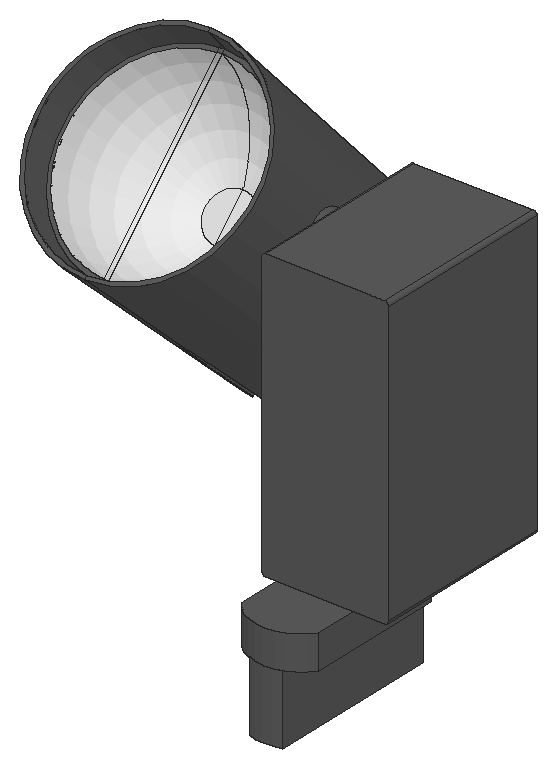
Revit family "0004895 Feilo Sylvania Lighting Fixture START TRACK SPOT S 14W 4K RA90 NB BLACK", category Lighting Fixtures, host Face, Revit 2017 (continued)
Definition of nested family "Start Track Spot Head"
  Types (96, lengths in mm): name | Wattage | built-in parameter 1150134 | Photometric Web File | Model | built-in parameter 1150105 | Lumens | built-in parameter 1150107 | built-in parameter 1150106 | HeadThickness_FEILO | HeadRibOffset_FEILO | HeadRibDepth_FEILO | HeadRibCutWidth_FEILO | HeadRibCutOffset_FEILO | HeadReflectorRadius_FEILO | HeadReflectorOffset_FEILO | HeadLEDRadius_FEILO | HeadHeight_FEILO | HeadDiffusorOffset_FEILO | HeadDiaOut_FEILO | HeadDiaIn_FEILO | HeadAxisFromTop_FEILO | Emit from Circle Diameter | built-in parameter 1150104 | Description | Apparent Load
    0004864 START TRACK SPOT S 24W 3K RA90 WB WHITE | 24 W | (empty or 0) | "0004864.ies" | "START TRACK SPOT S 24W 3K RA90 WB WHITE" | 152.79 (stored number, unit not read) | 1920 lm | 3000 (stored number, unit not read) | 1.5279 (stored number, unit not read) | 1.5 | 4.179 | 55.714 | 7.167 | 50.87 | 50.588 | 55.714 | 9.556 | 117 | 9.435 | 86 | 77.477 | 69.354 | 77.477 | 7.4322 (stored number, unit not read) | "Integrated LED spotlight, Textured White - RAL9016, compact and minimalist design, ideal for retail applications, die-cast aluminium body, passive cooling heatsink. Beam angle: 64°, color temperature: 3000K , total system power: 24W, total fixture output: 1928 lm, LOR: 100%, colour rendering: Ra: 90 typical, LED Chromaticity: 3 step MacAdam ellipse, lifetime: >50000 hours at L70B50, energy class: A++, A+, A, IR/UV free light source without heat radiation, operating voltage: 220-240V / 50-60Hz, drive current: 600mA, electronic driver, non-dimmable, power factor: 0.95, electrical protection: Class II, Global Track 3 Phase adapter suitable for Global trac 3-circuit tracks, ingress protection rating: IP20, suitable for internal environment only, horizontal rotation: 355°, vertical tilt: 90°, dimensions: Ø86x140x200, weight: 0.966kg." | 24 VA
    0004863 START TRACK SPOT S 24W 3K RA90 MB WHITE | 24 W | (empty or 0) | "0004863.ies" | "START TRACK SPOT S 24W 3K RA90 MB WHITE" | 154.7 (stored number, unit not read) | 1944 lm | 3000 (stored number, unit not read) | 1.547 (stored number, unit not read) | 1.5 | 4.179 | 55.714 | 7.167 | 50.87 | 50.588 | 55.714 | 9.556 | 117 | 9.435 | 86 | 77.477 | 69.354 | 77.477 | 7.5251 (stored number, unit not read) | "Integrated LED spotlight, Textured White - RAL9016, compact and minimalist design, ideal for retail applications, die-cast aluminium body, passive cooling heatsink. Beam angle: 36°, color temperature: 3000K , total system power: 24W, total fixture output: 1944 lm, LOR: 100%, colour rendering: Ra: 90 typical, LED Chromaticity: 3 step MacAdam ellipse, lifetime: >50000 hours at L70B50, energy class: A++, A+, A, IR/UV free light source without heat radiation, operating voltage: 220-240V / 50-60Hz, drive current: 600mA, electronic driver, non-dimmable, power factor: 0.95, electrical protection: Class II, Global Track 3 Phase adapter suitable for Global trac 3-circuit tracks, ingress protection rating: IP20, suitable for internal environment only, horizontal rotation: 355°, vertical tilt: 90°, dimensions: Ø86x140x200, weight: 0.966kg." | 24 VA
    0004862 START TRACK SPOT S 24W 3K RA90 NB WHITE | 24 W | (empty or 0) | "0004862.ies" | "START TRACK SPOT S 24W 3K RA90 NB WHITE" | 158.52 (stored number, unit not read) | 1992 lm | 3000 (stored number, unit not read) | 1.5852 (stored number, unit not read) | 1.5 | 4.179 | 55.714 | 7.167 | 50.87 | 50.588 | 55.714 | 9.556 | 117 | 9.435 | 86 | 77.477 | 69.354 | 77.477 | 7.711 (stored number, unit not read) | "Integrated LED spotlight, Textured White - RAL9016, compact and minimalist design, ideal for retail applications, die-cast aluminium body, passive cooling heatsink. Beam angle: 12°, color temperature: 3000K , total system power: 24W, total fixture output: 1987 lm, LOR: 100%, colour rendering: Ra: 90 typical, LED Chromaticity: 3 step MacAdam ellipse, lifetime: >50000 hours at L70B50, energy class: A++, A+, A, IR/UV free light source without heat radiation, operating voltage: 220-240V / 50-60Hz, drive current: 600mA, electronic driver, non-dimmable, power factor: 0.95, electrical protection: Class II, Global Track 3 Phase adapter suitable for Global trac 3-circuit tracks, ingress protection rating: IP20, suitable for internal environment only, horizontal rotation: 355°, vertical tilt: 90°, dimensions: Ø86x140x200, weight: 0.966kg." | 24 VA
    0004861 START TRACK SPOT S 14W 3K RA90 WB WHITE | 14 W | (empty or 0) | "0004861.ies" | "START TRACK SPOT S 14W 3K RA90 WB WHITE" | 100.27 (stored number, unit not read) | 1260 lm | 3000 (stored number, unit not read) | 1.0027 (stored number, unit not read) | 1.5 | 4.179 | 55.714 | 7.167 | 50.87 | 50.588 | 55.714 | 9.556 | 117 | 9.435 | 86 | 77.477 | 69.354 | 77.477 | 8.3613 (stored number, unit not read) | "Integrated LED spotlight, Textured White - RAL9016, compact and minimalist design, ideal for retail applications, die-cast aluminium body, passive cooling heatsink. Beam angle: 64°, color temperature: 3000K , total system power: 14W, total fixture output: 1262 lm, LOR: 100%, colour rendering: Ra: 90 typical, LED Chromaticity: 3 step MacAdam ellipse, lifetime: >50000 hours at L70B50, energy class: A++, A+, A, IR/UV free light source without heat radiation, operating voltage: 220-240V / 50-60Hz, drive current: 350mA, electronic driver, non-dimmable, power factor: 0.92, electrical protection: Class II, Global Track 3 Phase adapter suitable for Global trac 3-circuit tracks, ingress protection rating: IP20, suitable for internal environment only, horizontal rotation: 355°, vertical tilt: 90°, dimensions: Ø86x140x200, weight: 0.940kg." | 14 VA
    0004860 START TRACK SPOT S 14W 3K RA90 MB WHITE | 14 W | (empty or 0) | "0004860.ies" | "START TRACK SPOT S 14W 3K RA90 MB WHITE" | 100.27 (stored number, unit not read) | 1260 lm | 3000 (stored number, unit not read) | 1.0027 (stored number, unit not read) | 1.5 | 4.179 | 55.714 | 7.167 | 50.87 | 50.588 | 55.714 | 9.556 | 117 | 9.435 | 86 | 77.477 | 69.354 | 77.477 | 8.3613 (stored number, unit not read) | "Integrated LED spotlight, Textured White - RAL9016, compact and minimalist design, ideal for retail applications, die-cast aluminium body, passive cooling heatsink. Beam angle: 36°, color temperature: 3000K , total system power: 14W, total fixture output: 1262 lm, LOR: 100%, colour rendering: Ra: 90 typical, LED Chromaticity: 3 step MacAdam ellipse, lifetime: >50000 hours at L70B50, energy class: A++, A+, A, IR/UV free light source without heat radiation, operating voltage: 220-240V / 50-60Hz, drive current: 350mA, electronic driver, non-dimmable, power factor: 0.92, electrical protection: Class II, Global Track 3 Phase adapter suitable for Global trac 3-circuit tracks, ingress protection rating: IP20, suitable for internal environment only, horizontal rotation: 355°, vertical tilt: 90°, dimensions: Ø86x140x200, weight: 0.940kg." | 14 VA
    0004859 START TRACK SPOT S 14W 3K RA90 NB WHITE | 14 W | (empty or 0) | "0004859.ies" | "START TRACK SPOT S 14W 3K RA90 NB WHITE" | 102.5 (stored number, unit not read) | 1288 lm | 3000 (stored number, unit not read) | 1.025 (stored number, unit not read) | 1.5 | 4.179 | 55.714 | 7.167 | 50.87 | 50.588 | 55.714 | 9.556 | 117 | 9.435 | 86 | 77.477 | 69.354 | 77.477 | 8.5471 (stored number, unit not read) | "Integrated LED spotlight, Textured White - RAL9016, compact and minimalist design, ideal for retail applications, die-cast aluminium body, passive cooling heatsink. Beam angle: 12°, color temperature: 3000K , total system power: 14W, total fixture output: 1284 lm, LOR: 100%, colour rendering: Ra: 90 typical, LED Chromaticity: 3 step MacAdam ellipse, lifetime: >50000 hours at L70B50, energy class: A++, A+, A, IR/UV free light source without heat radiation, operating voltage: 220-240V / 50-60Hz, drive current: 350mA, electronic driver, non-dimmable, power factor: 0.92, electrical protection: Class II, Global Track 3 Phase adapter suitable for Global trac 3-circuit tracks, ingress protection rating: IP20, suitable for internal environment only, horizontal rotation: 355°, vertical tilt: 90°, dimensions: Ø86x140x200, weight: 0.940kg." | 14 VA
    0004858 START TRACK SPOT L 55W 4K RA80 WB BLACK | 55 W | 12 | "0004858.ies" | "START TRACK SPOT L 55W 4K RA80 WB BLACK" | 424.55 (stored number, unit not read) | 5335 lm | 4000 (stored number, unit not read) | 4.2455 (stored number, unit not read) | 2 | 4.429 | 59.048 | 9.417 | 53.913 | 66.471 | 59.048 | 12.556 | 124 | 10 | 113 | 101.802 | 73.503 | 101.802 | 9.0116 (stored number, unit not read) | "Integrated LED spotlight, Textured Black - RAL9005, compact and minimalist design, ideal for retail applications, die-cast aluminium body, passive cooling heatsink. Beam angle: 52°, color temperature: 4000K , total system power: 55W, total fixture output: 5320 lm, LOR: 100%, colour rendering: Ra: 80 typical, LED Chromaticity: 3 step MacAdam ellipse, lifetime: >50000 hours at L70B50, energy class: A++, A+, A, IR/UV free light source without heat radiation, operating voltage: 220-240V / 50-60Hz, drive current: 1400mA, electronic driver, non-dimmable, power factor: 0.96, electrical protection: Class II, Global Track 3 Phase adapter suitable for Global trac 3-circuit tracks, ingress protection rating: IP20, suitable for internal environment only, horizontal rotation: 355°, vertical tilt: 90°, dimensions: Ø113x164x240, weight: 1.398kg." | 55 VA
    0004857 START TRACK SPOT L 55W 4K RA80 MB BLACK | 55 W | 12 | "0004857.ies" | "START TRACK SPOT L 55W 4K RA80 MB BLACK" | 428.92 (stored number, unit not read) | 5390 lm | 4000 (stored number, unit not read) | 4.2892 (stored number, unit not read) | 2 | 4.429 | 59.048 | 9.417 | 53.913 | 66.471 | 59.048 | 12.556 | 124 | 10 | 113 | 101.802 | 73.503 | 101.802 | 9.1045 (stored number, unit not read) | "Integrated LED spotlight, Textured Black - RAL9005, compact and minimalist design, ideal for retail applications, die-cast aluminium body, passive cooling heatsink. Beam angle: 38°, color temperature: 4000K , total system power: 55W, total fixture output: 5378 lm, LOR: 100%, colour rendering: Ra: 80 typical, LED Chromaticity: 3 step MacAdam ellipse, lifetime: >50000 hours at L70B50, energy class: A++, A+, A, IR/UV free light source without heat radiation, operating voltage: 220-240V / 50-60Hz, drive current: 1400mA, electronic driver, non-dimmable, power factor: 0.96, electrical protection: Class II, Global Track 3 Phase adapter suitable for Global trac 3-circuit tracks, ingress protection rating: IP20, suitable for internal environment only, horizontal rotation: 355°, vertical tilt: 90°, dimensions: Ø113x164x240, weight: 1.398kg." | 55 VA
    0004856 START TRACK SPOT L 55W 4K RA80 NB BLACK | 55 W | 12 | "0004856.ies" | "START TRACK SPOT L 55W 4K RA80 NB BLACK" | 433.3 (stored number, unit not read) | 5445 lm | 4000 (stored number, unit not read) | 4.333 (stored number, unit not read) | 2 | 4.429 | 59.048 | 9.417 | 53.913 | 66.471 | 59.048 | 12.556 | 124 | 10 | 113 | 101.802 | 73.503 | 101.802 | 9.1974 (stored number, unit not read) | "Integrated LED spotlight, Textured Black - RAL9005, compact and minimalist design, ideal for retail applications, die-cast aluminium body, passive cooling heatsink. Beam angle: 15°, color temperature: 4000K , total system power: 55W, total fixture output: 5426 lm, LOR: 100%, colour rendering: Ra: 80 typical, LED Chromaticity: 3 step MacAdam ellipse, lifetime: >50000 hours at L70B50, energy class: A++, A+, A, IR/UV free light source without heat radiation, operating voltage: 220-240V / 50-60Hz, drive current: 1400mA, electronic driver, non-dimmable, power factor: 0.96, electrical protection: Class II, Global Track 3 Phase adapter suitable for Global trac 3-circuit tracks, ingress protection rating: IP20, suitable for internal environment only, horizontal rotation: 355°, vertical tilt: 90°, dimensions: Ø113x164x240, weight: 1.398kg." | 55 VA
    0004855 START TRACK SPOT L 35W 4K RA80 WB BLACK | 35 W | 12 | "0004855.ies" | "START TRACK SPOT L 35W 4K RA80 WB BLACK" | 320.3 (stored number, unit not read) | 4025 lm | 4000 (stored number, unit not read) | 3.203 (stored number, unit not read) | 2 | 4.429 | 59.048 | 9.417 | 53.913 | 66.471 | 59.048 | 12.556 | 124 | 10 | 113 | 101.802 | 73.503 | 101.802 | 10.684 (stored number, unit not read) | "Integrated LED spotlight, Textured Black - RAL9005, compact and minimalist design, ideal for retail applications, die-cast aluminium body, passive cooling heatsink. Beam angle: 52°, color temperature: 4000K , total system power: 35W, total fixture output: 4010 lm, LOR: 100%, colour rendering: Ra: 80 typical, LED Chromaticity: 3 step MacAdam ellipse, lifetime: >50000 hours at L70B50, energy class: A++, A+, A, IR/UV free light source without heat radiation, operating voltage: 220-240V / 50-60Hz, drive current: 900mA, electronic driver, non-dimmable, power factor: 0.93, electrical protection: Class II, Global Track 3 Phase adapter suitable for Global trac 3-circuit tracks, ingress protection rating: IP20, suitable for internal environment only, horizontal rotation: 355°, vertical tilt: 90°, dimensions: Ø113x164x240, weight: 1.368kg." | 35 VA
    0004854 START TRACK SPOT L 35W 4K RA80 MB BLACK | 35 W | 12 | "0004854.ies" | "START TRACK SPOT L 35W 4K RA80 MB BLACK" | 320.3 (stored number, unit not read) | 4025 lm | 4000 (stored number, unit not read) | 3.203 (stored number, unit not read) | 2 | 4.429 | 59.048 | 9.417 | 53.913 | 66.471 | 59.048 | 12.556 | 124 | 10 | 113 | 101.802 | 73.503 | 101.802 | 10.684 (stored number, unit not read) | "Integrated LED spotlight, Textured Black - RAL9005, compact and minimalist design, ideal for retail applications, die-cast aluminium body, passive cooling heatsink. Beam angle: 38°, color temperature: 4000K , total system power: 35W, total fixture output: 4017 lm, LOR: 100%, colour rendering: Ra: 80 typical, LED Chromaticity: 3 step MacAdam ellipse, lifetime: >50000 hours at L70B50, energy class: A++, A+, A, IR/UV free light source without heat radiation, operating voltage: 220-240V / 50-60Hz, drive current: 900mA, electronic driver, non-dimmable, power factor: 0.93, electrical protection: Class II, Global Track 3 Phase adapter suitable for Global trac 3-circuit tracks, ingress protection rating: IP20, suitable for internal environment only, horizontal rotation: 355°, vertical tilt: 90°, dimensions: Ø113x164x240, weight: 1.368kg." | 35 VA
    0004853 START TRACK SPOT L 35W 4K RA80 NB BLACK | 35 W | 12 | "0004853.ies" | "START TRACK SPOT L 35W 4K RA80 NB BLACK" | 331.44 (stored number, unit not read) | 4165 lm | 4000 (stored number, unit not read) | 3.3144 (stored number, unit not read) | 2 | 4.429 | 59.048 | 9.417 | 53.913 | 66.471 | 59.048 | 12.556 | 124 | 10 | 113 | 101.802 | 73.503 | 101.802 | 11.055 (stored number, unit not read) | "Integrated LED spotlight, Textured Black - RAL9005, compact and minimalist design, ideal for retail applications, die-cast aluminium body, passive cooling heatsink. Beam angle: 15°, color temperature: 4000K , total system power: 35W, total fixture output: 4174 lm, LOR: 100%, colour rendering: Ra: 80 typical, LED Chromaticity: 3 step MacAdam ellipse, lifetime: >50000 hours at L70B50, energy class: A++, A+, A, IR/UV free light source without heat radiation, operating voltage: 220-240V / 50-60Hz, drive current: 900mA, electronic driver, non-dimmable, power factor: 0.93, electrical protection: Class II, Global Track 3 Phase adapter suitable for Global trac 3-circuit tracks, ingress protection rating: IP20, suitable for internal environment only, horizontal rotation: 355°, vertical tilt: 90°, dimensions: Ø113x164x240, weight: 1.368kg." | 35 VA
    0004852 START TRACK SPOT S 24W 4K RA80 WB BLACK | 24 W | 12 | "0004852.ies" | "START TRACK SPOT S 24W 4K RA80 WB BLACK" | 196.72 (stored number, unit not read) | 2472 lm | 4000 (stored number, unit not read) | 1.9672 (stored number, unit not read) | 1.5 | 4.179 | 55.714 | 7.167 | 50.87 | 50.588 | 55.714 | 9.556 | 117 | 9.435 | 86 | 77.477 | 69.354 | 77.477 | 9.569 (stored number, unit not read) | "Integrated LED spotlight, Textured Black - RAL9005, compact and minimalist design, ideal for retail applications, die-cast aluminium body, passive cooling heatsink. Beam angle: 64°, color temperature: 4000K , total system power: 24W, total fixture output: 2476 lm, LOR: 100%, colour rendering: Ra: 80 typical, LED Chromaticity: 3 step MacAdam ellipse, lifetime: >50000 hours at L70B50, energy class: A++, A+, A, IR/UV free light source without heat radiation, operating voltage: 220-240V / 50-60Hz, drive current: 600mA, electronic driver, non-dimmable, power factor: 0.95, electrical protection: Class II, Global Track 3 Phase adapter suitable for Global trac 3-circuit tracks, ingress protection rating: IP20, suitable for internal environment only, horizontal rotation: 355°, vertical tilt: 90°, dimensions: Ø86x140x200, weight: 0.966kg." | 24 VA
    0004851 START TRACK SPOT S 24W 4K RA80 MB BLACK | 24 W | 12 | "0004851.ies" | "START TRACK SPOT S 24W 4K RA80 MB BLACK" | 198.63 (stored number, unit not read) | 2496 lm | 4000 (stored number, unit not read) | 1.9863 (stored number, unit not read) | 1.5 | 4.179 | 55.714 | 7.167 | 50.87 | 50.588 | 55.714 | 9.556 | 117 | 9.435 | 86 | 77.477 | 69.354 | 77.477 | 9.6619 (stored number, unit not read) | "Integrated LED spotlight, Textured Black - RAL9005, compact and minimalist design, ideal for retail applications, die-cast aluminium body, passive cooling heatsink. Beam angle: 36°, color temperature: 4000K , total system power: 24W, total fixture output: 2487 lm, LOR: 100%, colour rendering: Ra: 80 typical, LED Chromaticity: 3 step MacAdam ellipse, lifetime: >50000 hours at L70B50, energy class: A++, A+, A, IR/UV free light source without heat radiation, operating voltage: 220-240V / 50-60Hz, drive current: 600mA, electronic driver, non-dimmable, power factor: 0.95, electrical protection: Class II, Global Track 3 Phase adapter suitable for Global trac 3-circuit tracks, ingress protection rating: IP20, suitable for internal environment only, horizontal rotation: 355°, vertical tilt: 90°, dimensions: Ø86x140x200, weight: 0.966kg." | 24 VA
    0004850 START TRACK SPOT S 24W 4K RA80 NB BLACK | 24 W | 12 | "0004850.ies" | "START TRACK SPOT S 24W 4K RA80 NB BLACK" | 200.54 (stored number, unit not read) | 2520 lm | 4000 (stored number, unit not read) | 2.0054 (stored number, unit not read) | 1.5 | 4.179 | 55.714 | 7.167 | 50.87 | 50.588 | 55.714 | 9.556 | 117 | 9.435 | 86 | 77.477 | 69.354 | 77.477 | 9.7548 (stored number, unit not read) | "Integrated LED spotlight, Textured Black - RAL9005, compact and minimalist design, ideal for retail applications, die-cast aluminium body, passive cooling heatsink. Beam angle: 12°, color temperature: 4000K , total system power: 24W, total fixture output: 2529 lm, LOR: 100%, colour rendering: Ra: 80 typical, LED Chromaticity: 3 step MacAdam ellipse, lifetime: >50000 hours at L70B50, energy class: A++, A+, A, IR/UV free light source without heat radiation, operating voltage: 220-240V / 50-60Hz, drive current: 600mA, electronic driver, non-dimmable, power factor: 0.95, electrical protection: Class II, Global Track 3 Phase adapter suitable for Global trac 3-circuit tracks, ingress protection rating: IP20, suitable for internal environment only, horizontal rotation: 355°, vertical tilt: 90°, dimensions: Ø86x140x200, weight: 0.966kg." | 24 VA
    0004849 START TRACK SPOT S 14W 4K RA80 WB BLACK | 14 W | 12 | "0004849.ies" | "START TRACK SPOT S 14W 4K RA80 WB BLACK" | 123.66 (stored number, unit not read) | 1554 lm | 4000 (stored number, unit not read) | 1.2366 (stored number, unit not read) | 1.5 | 4.179 | 55.714 | 7.167 | 50.87 | 50.588 | 55.714 | 9.556 | 117 | 9.435 | 86 | 77.477 | 69.354 | 77.477 | 10.312 (stored number, unit not read) | "Integrated LED spotlight, Textured Black - RAL9005, compact and minimalist design, ideal for retail applications, die-cast aluminium body, passive cooling heatsink. Beam angle: 64°, color temperature: 4000K , total system power: 14W, total fixture output: 1558 lm, LOR: 100%, colour rendering: Ra: 80 typical, LED Chromaticity: 3 step MacAdam ellipse, lifetime: >50000 hours at L70B50, energy class: A++, A+, A, IR/UV free light source without heat radiation, operating voltage: 220-240V / 50-60Hz, drive current: 350mA, electronic driver, non-dimmable, power factor: 0.92, electrical protection: Class II, Global Track 3 Phase adapter suitable for Global trac 3-circuit tracks, ingress protection rating: IP20, suitable for internal environment only, horizontal rotation: 355°, vertical tilt: 90°, dimensions: Ø86x140x200, weight: 0.940kg." | 14 VA
    0004848 START TRACK SPOT S 14W 4K RA80 MB BLACK | 14 W | 12 | "0004848.ies" | "START TRACK SPOT S 14W 4K RA80 MB BLACK" | 127.01 (stored number, unit not read) | 1596 lm | 4000 (stored number, unit not read) | 1.2701 (stored number, unit not read) | 1.5 | 4.179 | 55.714 | 7.167 | 50.87 | 50.588 | 55.714 | 9.556 | 117 | 9.435 | 86 | 77.477 | 69.354 | 77.477 | 10.591 (stored number, unit not read) | "Integrated LED spotlight, Textured Black - RAL9005, compact and minimalist design, ideal for retail applications, die-cast aluminium body, passive cooling heatsink. Beam angle: 36°, color temperature: 4000K , total system power: 14W, total fixture output: 1598 lm, LOR: 100%, colour rendering: Ra: 80 typical, LED Chromaticity: 3 step MacAdam ellipse, lifetime: >50000 hours at L70B50, energy class: A++, A+, A, IR/UV free light source without heat radiation, operating voltage: 220-240V / 50-60Hz, drive current: 350mA, electronic driver, non-dimmable, power factor: 0.92, electrical protection: Class II, Global Track 3 Phase adapter suitable for Global trac 3-circuit tracks, ingress protection rating: IP20, suitable for internal environment only, horizontal rotation: 355°, vertical tilt: 90°, dimensions: Ø86x140x200, weight: 0.940kg." | 14 VA
    0004847 START TRACK SPOT S 14W 4K RA80 NB BLACK | 14 W | 12 | "0004847.ies" | "START TRACK SPOT S 14W 4K RA80 NB BLACK" | 128.12 (stored number, unit not read) | 1610 lm | 4000 (stored number, unit not read) | 1.2812 (stored number, unit not read) | 1.5 | 4.179 | 55.714 | 7.167 | 50.87 | 50.588 | 55.714 | 9.556 | 117 | 9.435 | 86 | 77.477 | 69.354 | 77.477 | 10.684 (stored number, unit not read) | "Integrated LED spotlight, Textured Black - RAL9005, compact and minimalist design, ideal for retail applications, die-cast aluminium body, passive cooling heatsink. Beam angle: 12°, color temperature: 4000K , total system power: 14W, total fixture output: 1608 lm, LOR: 100%, colour rendering: Ra: 80 typical, LED Chromaticity: 3 step MacAdam ellipse, lifetime: >50000 hours at L70B50, energy class: A++, A+, A, IR/UV free light source without heat radiation, operating voltage: 220-240V / 50-60Hz, drive current: 350mA, electronic driver, non-dimmable, power factor: 0.92, electrical protection: Class II, Global Track 3 Phase adapter suitable for Global trac 3-circuit tracks, ingress protection rating: IP20, suitable for internal environment only, horizontal rotation: 355°, vertical tilt: 90°, dimensions: Ø86x140x200, weight: 0.940kg." | 14 VA
    0004846 START TRACK SPOT L 55W 3K RA80 WB BLACK | 55 W | (empty or 0) | "0004846.ies" | "START TRACK SPOT L 55W 3K RA80 WB BLACK" | 420.17 (stored number, unit not read) | 5280 lm | 3000 (stored number, unit not read) | 4.2017 (stored number, unit not read) | 2 | 4.429 | 59.048 | 9.417 | 53.913 | 66.471 | 59.048 | 12.556 | 124 | 10 | 113 | 101.802 | 73.503 | 101.802 | 8.9187 (stored number, unit not read) | "Integrated LED spotlight, Textured Black - RAL9005, compact and minimalist design, ideal for retail applications, die-cast aluminium body, passive cooling heatsink. Beam angle: 52°, color temperature: 3000K , total system power: 55W, total fixture output: 5298 lm, LOR: 100%, colour rendering: Ra: 80 typical, LED Chromaticity: 3 step MacAdam ellipse, lifetime: >50000 hours at L70B50, energy class: A++, A+, A, IR/UV free light source without heat radiation, operating voltage: 220-240V / 50-60Hz, drive current: 1400mA, electronic driver, non-dimmable, power factor: 0.96, electrical protection: Class II, Global Track 3 Phase adapter suitable for Global trac 3-circuit tracks, ingress protection rating: IP20, suitable for internal environment only, horizontal rotation: 355°, vertical tilt: 90°, dimensions: Ø113x164x240, weight: 1.398kg." | 55 VA
    0004845 START TRACK SPOT L 55W 3K RA80 MB BLACK | 55 W | (empty or 0) | "0004845.ies" | "START TRACK SPOT L 55W 3K RA80 MB BLACK" | 428.92 (stored number, unit not read) | 5390 lm | 3000 (stored number, unit not read) | 4.2892 (stored number, unit not read) | 2 | 4.429 | 59.048 | 9.417 | 53.913 | 66.471 | 59.048 | 12.556 | 124 | 10 | 113 | 101.802 | 73.503 | 101.802 | 9.1045 (stored number, unit not read) | "Integrated LED spotlight, Textured Black - RAL9005, compact and minimalist design, ideal for retail applications, die-cast aluminium body, passive cooling heatsink. Beam angle: 38°, color temperature: 3000K , total system power: 55W, total fixture output: 5381 lm, LOR: 100%, colour rendering: Ra: 80 typical, LED Chromaticity: 3 step MacAdam ellipse, lifetime: >50000 hours at L70B50, energy class: A++, A+, A, IR/UV free light source without heat radiation, operating voltage: 220-240V / 50-60Hz, drive current: 1400mA, electronic driver, non-dimmable, power factor: 0.96, electrical protection: Class II, Global Track 3 Phase adapter suitable for Global trac 3-circuit tracks, ingress protection rating: IP20, suitable for internal environment only, horizontal rotation: 355°, vertical tilt: 90°, dimensions: Ø113x164x240, weight: 1.398kg." | 55 VA
    0004844 START TRACK SPOT L 55W 3K RA80 NB BLACK | 55 W | (empty or 0) | "0004844.ies" | "START TRACK SPOT L 55W 3K RA80 NB BLACK" | 433.3 (stored number, unit not read) | 5445 lm | 3000 (stored number, unit not read) | 4.333 (stored number, unit not read) | 2 | 4.429 | 59.048 | 9.417 | 53.913 | 66.471 | 59.048 | 12.556 | 124 | 10 | 113 | 101.802 | 73.503 | 101.802 | 9.1974 (stored number, unit not read) | "Integrated LED spotlight, Textured Black - RAL9005, compact and minimalist design, ideal for retail applications, die-cast aluminium body, passive cooling heatsink. Beam angle: 15°, color temperature: 3000K , total system power: 55W, total fixture output: 5449 lm, LOR: 100%, colour rendering: Ra: 80 typical, LED Chromaticity: 3 step MacAdam ellipse, lifetime: >50000 hours at L70B50, energy class: A++, A+, A, IR/UV free light source without heat radiation, operating voltage: 220-240V / 50-60Hz, drive current: 1400mA, electronic driver, non-dimmable, power factor: 0.96, electrical protection: Class II, Global Track 3 Phase adapter suitable for Global trac 3-circuit tracks, ingress protection rating: IP20, suitable for internal environment only, horizontal rotation: 355°, vertical tilt: 90°, dimensions: Ø113x164x240, weight: 1.398kg." | 55 VA
    0004843 START TRACK SPOT L 35W 3K RA80 WB BLACK | 35 W | (empty or 0) | "0004843.ies" | "START TRACK SPOT L 35W 3K RA80 WB BLACK" | 314.73 (stored number, unit not read) | 3955 lm | 3000 (stored number, unit not read) | 3.1473 (stored number, unit not read) | 2 | 4.429 | 59.048 | 9.417 | 53.913 | 66.471 | 59.048 | 12.556 | 124 | 10 | 113 | 101.802 | 73.503 | 101.802 | 10.498 (stored number, unit not read) | "Integrated LED spotlight, Textured Black - RAL9005, compact and minimalist design, ideal for retail applications, die-cast aluminium body, passive cooling heatsink. Beam angle: 52°, color temperature: 3000K , total system power: 35W, total fixture output: 3943 lm, LOR: 100%, colour rendering: Ra: 80 typical, LED Chromaticity: 3 step MacAdam ellipse, lifetime: >50000 hours at L70B50, energy class: A++, A+, A, IR/UV free light source without heat radiation, operating voltage: 220-240V / 50-60Hz, drive current: 900mA, electronic driver, non-dimmable, power factor: 0.93, electrical protection: Class II, Global Track 3 Phase adapter suitable for Global trac 3-circuit tracks, ingress protection rating: IP20, suitable for internal environment only, horizontal rotation: 355°, vertical tilt: 90°, dimensions: Ø113x164x240, weight: 1.368kg." | 35 VA
    0004842 START TRACK SPOT L 35W 3K RA80 MB BLACK | 35 W | (empty or 0) | "0004842.ies" | "START TRACK SPOT L 35W 3K RA80 MB BLACK" | 320.3 (stored number, unit not read) | 4025 lm | 3000 (stored number, unit not read) | 3.203 (stored number, unit not read) | 2 | 4.429 | 59.048 | 9.417 | 53.913 | 66.471 | 59.048 | 12.556 | 124 | 10 | 113 | 101.802 | 73.503 | 101.802 | 10.684 (stored number, unit not read) | "Integrated LED spotlight, Textured Black - RAL9005, compact and minimalist design, ideal for retail applications, die-cast aluminium body, passive cooling heatsink. Beam angle: 38°, color temperature: 3000K , total system power: 35W, total fixture output: 4008 lm, LOR: 100%, colour rendering: Ra: 80 typical, LED Chromaticity: 3 step MacAdam ellipse, lifetime: >50000 hours at L70B50, energy class: A++, A+, A, IR/UV free light source without heat radiation, operating voltage: 220-240V / 50-60Hz, drive current: 900mA, electronic driver, non-dimmable, power factor: 0.93, electrical protection: Class II, Global Track 3 Phase adapter suitable for Global trac 3-circuit tracks, ingress protection rating: IP20, suitable for internal environment only, horizontal rotation: 355°, vertical tilt: 90°, dimensions: Ø113x164x240, weight: 1.368kg." | 35 VA
    0004841 START TRACK SPOT L 35W 3K RA80 NB BLACK | 35 W | (empty or 0) | "0004841.ies" | "START TRACK SPOT L 35W 3K RA80 NB BLACK" | 317.51 (stored number, unit not read) | 3990 lm | 3000 (stored number, unit not read) | 3.1751 (stored number, unit not read) | 2 | 4.429 | 59.048 | 9.417 | 53.913 | 66.471 | 59.048 | 12.556 | 124 | 10 | 113 | 101.802 | 73.503 | 101.802 | 10.591 (stored number, unit not read) | "Integrated LED spotlight, Textured Black - RAL9005, compact and minimalist design, ideal for retail applications, die-cast aluminium body, passive cooling heatsink. Beam angle: 15°, color temperature: 3000K , total system power: 35W, total fixture output: 4005 lm, LOR: 100%, colour rendering: Ra: 80 typical, LED Chromaticity: 3 step MacAdam ellipse, lifetime: >50000 hours at L70B50, energy class: A++, A+, A, IR/UV free light source without heat radiation, operating voltage: 220-240V / 50-60Hz, drive current: 900mA, electronic driver, non-dimmable, power factor: 0.93, electrical protection: Class II, Global Track 3 Phase adapter suitable for Global trac 3-circuit tracks, ingress protection rating: IP20, suitable for internal environment only, horizontal rotation: 355°, vertical tilt: 90°, dimensions: Ø113x164x240, weight: 1.368kg." | 35 VA
    0004840 START TRACK SPOT S 24W 3K RA80 WB BLACK | 24 W | (empty or 0) | "0004840.ies" | "START TRACK SPOT S 24W 3K RA80 WB BLACK" | 185.26 (stored number, unit not read) | 2328 lm | 3000 (stored number, unit not read) | 1.8526 (stored number, unit not read) | 1.5 | 4.179 | 55.714 | 7.167 | 50.87 | 50.588 | 55.714 | 9.556 | 117 | 9.435 | 86 | 77.477 | 69.354 | 77.477 | 9.0116 (stored number, unit not read) | "Integrated LED spotlight, Textured Black - RAL9005, compact and minimalist design, ideal for retail applications, die-cast aluminium body, passive cooling heatsink. Beam angle: 64°, color temperature: 3000K , total system power: 24W, total fixture output: 2318 lm, LOR: 100%, colour rendering: Ra: 80 typical, LED Chromaticity: 3 step MacAdam ellipse, lifetime: >50000 hours at L70B50, energy class: A++, A+, A, IR/UV free light source without heat radiation, operating voltage: 220-240V / 50-60Hz, drive current: 600mA, electronic driver, non-dimmable, power factor: 0.95, electrical protection: Class II, Global Track 3 Phase adapter suitable for Global trac 3-circuit tracks, ingress protection rating: IP20, suitable for internal environment only, horizontal rotation: 355°, vertical tilt: 90°, dimensions: Ø86x140x200, weight: 0.966kg." | 24 VA
    0004839 START TRACK SPOT S 24W 3K RA80 MB BLACK | 24 W | (empty or 0) | "0004839.ies" | "START TRACK SPOT S 24W 3K RA80 MB BLACK" | 183.35 (stored number, unit not read) | 2304 lm | 3000 (stored number, unit not read) | 1.8335 (stored number, unit not read) | 1.5 | 4.179 | 55.714 | 7.167 | 50.87 | 50.588 | 55.714 | 9.556 | 117 | 9.435 | 86 | 77.477 | 69.354 | 77.477 | 8.9187 (stored number, unit not read) | "Integrated LED spotlight, Textured Black - RAL9005, compact and minimalist design, ideal for retail applications, die-cast aluminium body, passive cooling heatsink. Beam angle: 36°, color temperature: 3000K , total system power: 24W, total fixture output: 2314 lm, LOR: 100%, colour rendering: Ra: 80 typical, LED Chromaticity: 3 step MacAdam ellipse, lifetime: >50000 hours at L70B50, energy class: A++, A+, A, IR/UV free light source without heat radiation, operating voltage: 220-240V / 50-60Hz, drive current: 600mA, electronic driver, non-dimmable, power factor: 0.95, electrical protection: Class II, Global Track 3 Phase adapter suitable for Global trac 3-circuit tracks, ingress protection rating: IP20, suitable for internal environment only, horizontal rotation: 355°, vertical tilt: 90°, dimensions: Ø86x140x200, weight: 0.966kg." | 24 VA
    0004838 START TRACK SPOT S 24W 3K RA80 NB BLACK | 24 W | (empty or 0) | "0004838.ies" | "START TRACK SPOT S 24W 3K RA80 NB BLACK" | 185.26 (stored number, unit not read) | 2328 lm | 3000 (stored number, unit not read) | 1.8526 (stored number, unit not read) | 1.5 | 4.179 | 55.714 | 7.167 | 50.87 | 50.588 | 55.714 | 9.556 | 117 | 9.435 | 86 | 77.477 | 69.354 | 77.477 | 9.0116 (stored number, unit not read) | "Integrated LED spotlight, Textured Black - RAL9005, compact and minimalist design, ideal for retail applications, die-cast aluminium body, passive cooling heatsink. Beam angle: 12°, color temperature: 3000K , total system power: 24W, total fixture output: 2334 lm, LOR: 100%, colour rendering: Ra: 80 typical, LED Chromaticity: 3 step MacAdam ellipse, lifetime: >50000 hours at L70B50, energy class: A++, A+, A, IR/UV free light source without heat radiation, operating voltage: 220-240V / 50-60Hz, drive current: 600mA, electronic driver, non-dimmable, power factor: 0.95, electrical protection: Class II, Global Track 3 Phase adapter suitable for Global trac 3-circuit tracks, ingress protection rating: IP20, suitable for internal environment only, horizontal rotation: 355°, vertical tilt: 90°, dimensions: Ø86x140x200, weight: 0.966kg." | 24 VA
    0004837 START TRACK SPOT S 14W 3K RA80 WB BLACK | 14 W | (empty or 0) | "0004837.ies" | "START TRACK SPOT S 14W 3K RA80 WB BLACK" | 119.21 (stored number, unit not read) | 1498 lm | 3000 (stored number, unit not read) | 1.1921 (stored number, unit not read) | 1.5 | 4.179 | 55.714 | 7.167 | 50.87 | 50.588 | 55.714 | 9.556 | 117 | 9.435 | 86 | 77.477 | 69.354 | 77.477 | 9.9406 (stored number, unit not read) | "Integrated LED spotlight, Textured Black - RAL9005, compact and minimalist design, ideal for retail applications, die-cast aluminium body, passive cooling heatsink. Beam angle: 64°, color temperature: 3000K , total system power: 14W, total fixture output: 1498 lm, LOR: 100%, colour rendering: Ra: 80 typical, LED Chromaticity: 3 step MacAdam ellipse, lifetime: >50000 hours at L70B50, energy class: A++, A+, A, IR/UV free light source without heat radiation, operating voltage: 220-240V / 50-60Hz, drive current: 350mA, electronic driver, non-dimmable, power factor: 0.92, electrical protection: Class II, Global Track 3 Phase adapter suitable for Global trac 3-circuit tracks, ingress protection rating: IP20, suitable for internal environment only, horizontal rotation: 355°, vertical tilt: 90°, dimensions: Ø86x140x200, weight: 0.940kg." | 14 VA
    0004836 START TRACK SPOT S 14W 3K RA80 MB BLACK | 14 W | (empty or 0) | "0004836.ies" | "START TRACK SPOT S 14W 3K RA80 MB BLACK" | 120.32 (stored number, unit not read) | 1512 lm | 3000 (stored number, unit not read) | 1.2032 (stored number, unit not read) | 1.5 | 4.179 | 55.714 | 7.167 | 50.87 | 50.588 | 55.714 | 9.556 | 117 | 9.435 | 86 | 77.477 | 69.354 | 77.477 | 10.034 (stored number, unit not read) | "Integrated LED spotlight, Textured Black - RAL9005, compact and minimalist design, ideal for retail applications, die-cast aluminium body, passive cooling heatsink. Beam angle: 36°, color temperature: 3000K , total system power: 14W, total fixture output: 1508 lm, LOR: 100%, colour rendering: Ra: 80 typical, LED Chromaticity: 3 step MacAdam ellipse, lifetime: >50000 hours at L70B50, energy class: A++, A+, A, IR/UV free light source without heat radiation, operating voltage: 220-240V / 50-60Hz, drive current: 350mA, electronic driver, non-dimmable, power factor: 0.92, electrical protection: Class II, Global Track 3 Phase adapter suitable for Global trac 3-circuit tracks, ingress protection rating: IP20, suitable for internal environment only, horizontal rotation: 355°, vertical tilt: 90°, dimensions: Ø86x140x200, weight: 0.940kg." | 14 VA
    0004835 START TRACK SPOT S 14W 3K RA80 NB BLACK | 14 W | (empty or 0) | "0004835.ies" | "START TRACK SPOT S 14W 3K RA80 NB BLACK" | 123.66 (stored number, unit not read) | 1554 lm | 3000 (stored number, unit not read) | 1.2366 (stored number, unit not read) | 1.5 | 4.179 | 55.714 | 7.167 | 50.87 | 50.588 | 55.714 | 9.556 | 117 | 9.435 | 86 | 77.477 | 69.354 | 77.477 | 10.312 (stored number, unit not read) | "Integrated LED spotlight, Textured Black - RAL9005, compact and minimalist design, ideal for retail applications, die-cast aluminium body, passive cooling heatsink. Beam angle: 12°, color temperature: 3000K , total system power: 14W, total fixture output: 1551 lm, LOR: 100%, colour rendering: Ra: 80 typical, LED Chromaticity: 3 step MacAdam ellipse, lifetime: >50000 hours at L70B50, energy class: A++, A+, A, IR/UV free light source without heat radiation, operating voltage: 220-240V / 50-60Hz, drive current: 350mA, electronic driver, non-dimmable, power factor: 0.92, electrical protection: Class II, Global Track 3 Phase adapter suitable for Global trac 3-circuit tracks, ingress protection rating: IP20, suitable for internal environment only, horizontal rotation: 355°, vertical tilt: 90°, dimensions: Ø86x140x200, weight: 0.940kg." | 14 VA
    0004834 START TRACK SPOT L 55W 4K RA80 WB WHITE | 55 W | 12 | "0004834.ies" | "START TRACK SPOT L 55W 4K RA80 WB WHITE" | 424.55 (stored number, unit not read) | 5335 lm | 4000 (stored number, unit not read) | 4.2455 (stored number, unit not read) | 2 | 4.429 | 59.048 | 9.417 | 53.913 | 66.471 | 59.048 | 12.556 | 124 | 10 | 113 | 101.802 | 73.503 | 101.802 | 9.0116 (stored number, unit not read) | "Integrated LED spotlight, Textured White - RAL9016, compact and minimalist design, ideal for retail applications, die-cast aluminium body, passive cooling heatsink. Beam angle: 52°, color temperature: 4000K , total system power: 55W, total fixture output: 5320 lm, LOR: 100%, colour rendering: Ra: 80 typical, LED Chromaticity: 3 step MacAdam ellipse, lifetime: >50000 hours at L70B50, energy class: A++, A+, A, IR/UV free light source without heat radiation, operating voltage: 220-240V / 50-60Hz, drive current: 1400mA, electronic driver, non-dimmable, power factor: 0.96, electrical protection: Class II, Global Track 3 Phase adapter suitable for Global trac 3-circuit tracks, ingress protection rating: IP20, suitable for internal environment only, horizontal rotation: 355°, vertical tilt: 90°, dimensions: Ø113x164x240, weight: 1.398kg." | 55 VA
    0004833 START TRACK SPOT L 55W 4K RA80 MB WHITE | 55 W | 12 | "0004833.ies" | "START TRACK SPOT L 55W 4K RA80 MB WHITE" | 428.92 (stored number, unit not read) | 5390 lm | 4000 (stored number, unit not read) | 4.2892 (stored number, unit not read) | 2 | 4.429 | 59.048 | 9.417 | 53.913 | 66.471 | 59.048 | 12.556 | 124 | 10 | 113 | 101.802 | 73.503 | 101.802 | 9.1045 (stored number, unit not read) | "Integrated LED spotlight, Textured White - RAL9016, compact and minimalist design, ideal for retail applications, die-cast aluminium body, passive cooling heatsink. Beam angle: 38°, color temperature: 4000K , total system power: 55W, total fixture output: 5378 lm, LOR: 100%, colour rendering: Ra: 80 typical, LED Chromaticity: 3 step MacAdam ellipse, lifetime: >50000 hours at L70B50, energy class: A++, A+, A, IR/UV free light source without heat radiation, operating voltage: 220-240V / 50-60Hz, drive current: 1400mA, electronic driver, non-dimmable, power factor: 0.96, electrical protection: Class II, Global Track 3 Phase adapter suitable for Global trac 3-circuit tracks, ingress protection rating: IP20, suitable for internal environment only, horizontal rotation: 355°, vertical tilt: 90°, dimensions: Ø113x164x240, weight: 1.398kg." | 55 VA
    0004832 START TRACK SPOT L 55W 4K RA80 NB WHITE | 55 W | 12 | "0004832.ies" | "START TRACK SPOT L 55W 4K RA80 NB WHITE" | 433.3 (stored number, unit not read) | 5445 lm | 4000 (stored number, unit not read) | 4.333 (stored number, unit not read) | 2 | 4.429 | 59.048 | 9.417 | 53.913 | 66.471 | 59.048 | 12.556 | 124 | 10 | 113 | 101.802 | 73.503 | 101.802 | 9.1974 (stored number, unit not read) | "Integrated LED spotlight, Textured White - RAL9016, compact and minimalist design, ideal for retail applications, die-cast aluminium body, passive cooling heatsink. Beam angle: 15°, color temperature: 4000K , total system power: 55W, total fixture output: 5426 lm, LOR: 100%, colour rendering: Ra: 80 typical, LED Chromaticity: 3 step MacAdam ellipse, lifetime: >50000 hours at L70B50, energy class: A++, A+, A, IR/UV free light source without heat radiation, operating voltage: 220-240V / 50-60Hz, drive current: 1400mA, electronic driver, non-dimmable, power factor: 0.96, electrical protection: Class II, Global Track 3 Phase adapter suitable for Global trac 3-circuit tracks, ingress protection rating: IP20, suitable for internal environment only, horizontal rotation: 355°, vertical tilt: 90°, dimensions: Ø113x164x240, weight: 1.398kg." | 55 VA
    0004831 START TRACK SPOT L 35W 4K RA80 WB WHITE | 35 W | 12 | "0004831.ies" | "START TRACK SPOT L 35W 4K RA80 WB WHITE" | 320.3 (stored number, unit not read) | 4025 lm | 4000 (stored number, unit not read) | 3.203 (stored number, unit not read) | 2 | 4.429 | 59.048 | 9.417 | 53.913 | 66.471 | 59.048 | 12.556 | 124 | 10 | 113 | 101.802 | 73.503 | 101.802 | 10.684 (stored number, unit not read) | "Integrated LED spotlight, Textured White - RAL9016, compact and minimalist design, ideal for retail applications, die-cast aluminium body, passive cooling heatsink. Beam angle: 52°, color temperature: 4000K , total system power: 35W, total fixture output: 4010 lm, LOR: 100%, colour rendering: Ra: 80 typical, LED Chromaticity: 3 step MacAdam ellipse, lifetime: >50000 hours at L70B50, energy class: A++, A+, A, IR/UV free light source without heat radiation, operating voltage: 220-240V / 50-60Hz, drive current: 900mA, electronic driver, non-dimmable, power factor: 0.93, electrical protection: Class II, Global Track 3 Phase adapter suitable for Global trac 3-circuit tracks, ingress protection rating: IP20, suitable for internal environment only, horizontal rotation: 355°, vertical tilt: 90°, dimensions: Ø113x164x240, weight: 1.368kg." | 35 VA
    0004830 START TRACK SPOT L 35W 4K RA80 MB WHITE | 35 W | 12 | "0004830.ies" | "START TRACK SPOT L 35W 4K RA80 MB WHITE" | 320.3 (stored number, unit not read) | 4025 lm | 4000 (stored number, unit not read) | 3.203 (stored number, unit not read) | 2 | 4.429 | 59.048 | 9.417 | 53.913 | 66.471 | 59.048 | 12.556 | 124 | 10 | 113 | 101.802 | 73.503 | 101.802 | 10.684 (stored number, unit not read) | "Integrated LED spotlight, Textured White - RAL9016, compact and minimalist design, ideal for retail applications, die-cast aluminium body, passive cooling heatsink. Beam angle: 38°, color temperature: 4000K , total system power: 35W, total fixture output: 4017 lm, LOR: 100%, colour rendering: Ra: 80 typical, LED Chromaticity: 3 step MacAdam ellipse, lifetime: >50000 hours at L70B50, energy class: A++, A+, A, IR/UV free light source without heat radiation, operating voltage: 220-240V / 50-60Hz, drive current: 900mA, electronic driver, non-dimmable, power factor: 0.93, electrical protection: Class II, Global Track 3 Phase adapter suitable for Global trac 3-circuit tracks, ingress protection rating: IP20, suitable for internal environment only, horizontal rotation: 355°, vertical tilt: 90°, dimensions: Ø113x164x240, weight: 1.368kg." | 35 VA
    0004829 START TRACK SPOT L 35W 4K RA80 NB WHITE | 35 W | 12 | "0004829.ies" | "START TRACK SPOT L 35W 4K RA80 NB WHITE" | 331.44 (stored number, unit not read) | 4165 lm | 4000 (stored number, unit not read) | 3.3144 (stored number, unit not read) | 2 | 4.429 | 59.048 | 9.417 | 53.913 | 66.471 | 59.048 | 12.556 | 124 | 10 | 113 | 101.802 | 73.503 | 101.802 | 11.055 (stored number, unit not read) | "Integrated LED spotlight, Textured White - RAL9016, compact and minimalist design, ideal for retail applications, die-cast aluminium body, passive cooling heatsink. Beam angle: 15°, color temperature: 4000K , total system power: 35W, total fixture output: 4174 lm, LOR: 100%, colour rendering: Ra: 80 typical, LED Chromaticity: 3 step MacAdam ellipse, lifetime: >50000 hours at L70B50, energy class: A++, A+, A, IR/UV free light source without heat radiation, operating voltage: 220-240V / 50-60Hz, drive current: 900mA, electronic driver, non-dimmable, power factor: 0.93, electrical protection: Class II, Global Track 3 Phase adapter suitable for Global trac 3-circuit tracks, ingress protection rating: IP20, suitable for internal environment only, horizontal rotation: 355°, vertical tilt: 90°, dimensions: Ø113x164x240, weight: 1.368kg." | 35 VA
    0004828 START TRACK SPOT S 24W 4K RA80 WB WHITE | 24 W | 12 | "0004828.ies" | "START TRACK SPOT S 24W 4K RA80 WB WHITE" | 196.72 (stored number, unit not read) | 2472 lm | 4000 (stored number, unit not read) | 1.9672 (stored number, unit not read) | 1.5 | 4.179 | 55.714 | 7.167 | 50.87 | 50.588 | 55.714 | 9.556 | 117 | 9.435 | 86 | 77.477 | 69.354 | 77.477 | 9.569 (stored number, unit not read) | "Integrated LED spotlight, Textured White - RAL9016, compact and minimalist design, ideal for retail applications, die-cast aluminium body, passive cooling heatsink. Beam angle: 64°, color temperature: 4000K , total system power: 24W, total fixture output: 2476 lm, LOR: 100%, colour rendering: Ra: 80 typical, LED Chromaticity: 3 step MacAdam ellipse, lifetime: >50000 hours at L70B50, energy class: A++, A+, A, IR/UV free light source without heat radiation, operating voltage: 220-240V / 50-60Hz, drive current: 600mA, electronic driver, non-dimmable, power factor: 0.95, electrical protection: Class II, Global Track 3 Phase adapter suitable for Global trac 3-circuit tracks, ingress protection rating: IP20, suitable for internal environment only, horizontal rotation: 355°, vertical tilt: 90°, dimensions: Ø86x140x200, weight: 0.966kg." | 24 VA
    0004827 START TRACK SPOT S 24W 4K RA80 MB WHITE | 24 W | 12 | "0004827.ies" | "START TRACK SPOT S 24W 4K RA80 MB WHITE" | 198.63 (stored number, unit not read) | 2496 lm | 4000 (stored number, unit not read) | 1.9863 (stored number, unit not read) | 1.5 | 4.179 | 55.714 | 7.167 | 50.87 | 50.588 | 55.714 | 9.556 | 117 | 9.435 | 86 | 77.477 | 69.354 | 77.477 | 9.6619 (stored number, unit not read) | "Integrated LED spotlight, Textured White - RAL9016, compact and minimalist design, ideal for retail applications, die-cast aluminium body, passive cooling heatsink. Beam angle: 36°, color temperature: 4000K , total system power: 24W, total fixture output: 2487 lm, LOR: 100%, colour rendering: Ra: 80 typical, LED Chromaticity: 3 step MacAdam ellipse, lifetime: >50000 hours at L70B50, energy class: A++, A+, A, IR/UV free light source without heat radiation, operating voltage: 220-240V / 50-60Hz, drive current: 600mA, electronic driver, non-dimmable, power factor: 0.95, electrical protection: Class II, Global Track 3 Phase adapter suitable for Global trac 3-circuit tracks, ingress protection rating: IP20, suitable for internal environment only, horizontal rotation: 355°, vertical tilt: 90°, dimensions: Ø86x140x200, weight: 0.966kg." | 24 VA
    0004826 START TRACK SPOT S 24W 4K RA80 NB WHITE | 24 W | 12 | "0004826.ies" | "START TRACK SPOT S 24W 4K RA80 NB WHITE" | 200.54 (stored number, unit not read) | 2520 lm | 4000 (stored number, unit not read) | 2.0054 (stored number, unit not read) | 1.5 | 4.179 | 55.714 | 7.167 | 50.87 | 50.588 | 55.714 | 9.556 | 117 | 9.435 | 86 | 77.477 | 69.354 | 77.477 | 9.7548 (stored number, unit not read) | "Integrated LED spotlight, Textured White - RAL9016, compact and minimalist design, ideal for retail applications, die-cast aluminium body, passive cooling heatsink. Beam angle: 12°, color temperature: 4000K , total system power: 24W, total fixture output: 2529 lm, LOR: 100%, colour rendering: Ra: 80 typical, LED Chromaticity: 3 step MacAdam ellipse, lifetime: >50000 hours at L70B50, energy class: A++, A+, A, IR/UV free light source without heat radiation, operating voltage: 220-240V / 50-60Hz, drive current: 600mA, electronic driver, non-dimmable, power factor: 0.95, electrical protection: Class II, Global Track 3 Phase adapter suitable for Global trac 3-circuit tracks, ingress protection rating: IP20, suitable for internal environment only, horizontal rotation: 355°, vertical tilt: 90°, dimensions: Ø86x140x200, weight: 0.966kg." | 24 VA
    0004825 START TRACK SPOT S 14W 4K RA80 WB WHITE | 14 W | 12 | "0004825.ies" | "START TRACK SPOT S 14W 4K RA80 WB WHITE" | 123.66 (stored number, unit not read) | 1554 lm | 4000 (stored number, unit not read) | 1.2366 (stored number, unit not read) | 1.5 | 4.179 | 55.714 | 7.167 | 50.87 | 50.588 | 55.714 | 9.556 | 117 | 9.435 | 86 | 77.477 | 69.354 | 77.477 | 10.312 (stored number, unit not read) | "Integrated LED spotlight, Textured White - RAL9016, compact and minimalist design, ideal for retail applications, die-cast aluminium body, passive cooling heatsink. Beam angle: 64°, color temperature: 4000K , total system power: 14W, total fixture output: 1558 lm, LOR: 100%, colour rendering: Ra: 80 typical, LED Chromaticity: 3 step MacAdam ellipse, lifetime: >50000 hours at L70B50, energy class: A++, A+, A, IR/UV free light source without heat radiation, operating voltage: 220-240V / 50-60Hz, drive current: 350mA, electronic driver, non-dimmable, power factor: 0.92, electrical protection: Class II, Global Track 3 Phase adapter suitable for Global trac 3-circuit tracks, ingress protection rating: IP20, suitable for internal environment only, horizontal rotation: 355°, vertical tilt: 90°, dimensions: Ø86x140x200, weight: 0.940kg." | 14 VA
    0004824 START TRACK SPOT S 14W 4K RA80 MB WHITE | 14 W | 12 | "0004824.ies" | "START TRACK SPOT S 14W 4K RA80 MB WHITE" | 127.01 (stored number, unit not read) | 1596 lm | 4000 (stored number, unit not read) | 1.2701 (stored number, unit not read) | 1.5 | 4.179 | 55.714 | 7.167 | 50.87 | 50.588 | 55.714 | 9.556 | 117 | 9.435 | 86 | 77.477 | 69.354 | 77.477 | 10.591 (stored number, unit not read) | "Integrated LED spotlight, Textured White - RAL9016, compact and minimalist design, ideal for retail applications, die-cast aluminium body, passive cooling heatsink. Beam angle: 36°, color temperature: 4000K , total system power: 14W, total fixture output: 1598 lm, LOR: 100%, colour rendering: Ra: 80 typical, LED Chromaticity: 3 step MacAdam ellipse, lifetime: >50000 hours at L70B50, energy class: A++, A+, A, IR/UV free light source without heat radiation, operating voltage: 220-240V / 50-60Hz, drive current: 350mA, electronic driver, non-dimmable, power factor: 0.92, electrical protection: Class II, Global Track 3 Phase adapter suitable for Global trac 3-circuit tracks, ingress protection rating: IP20, suitable for internal environment only, horizontal rotation: 355°, vertical tilt: 90°, dimensions: Ø86x140x200, weight: 0.940kg." | 14 VA
    0004823 START TRACK SPOT S 14W 4K RA80 NB WHITE | 14 W | 12 | "0004823.ies" | "START TRACK SPOT S 14W 4K RA80 NB WHITE" | 128.12 (stored number, unit not read) | 1610 lm | 4000 (stored number, unit not read) | 1.2812 (stored number, unit not read) | 1.5 | 4.179 | 55.714 | 7.167 | 50.87 | 50.588 | 55.714 | 9.556 | 117 | 9.435 | 86 | 77.477 | 69.354 | 77.477 | 10.684 (stored number, unit not read) | "Integrated LED spotlight, Textured White - RAL9016, compact and minimalist design, ideal for retail applications, die-cast aluminium body, passive cooling heatsink. Beam angle: 12°, color temperature: 4000K , total system power: 14W, total fixture output: 1608 lm, LOR: 100%, colour rendering: Ra: 80 typical, LED Chromaticity: 3 step MacAdam ellipse, lifetime: >50000 hours at L70B50, energy class: A++, A+, A, IR/UV free light source without heat radiation, operating voltage: 220-240V / 50-60Hz, drive current: 350mA, electronic driver, non-dimmable, power factor: 0.92, electrical protection: Class II, Global Track 3 Phase adapter suitable for Global trac 3-circuit tracks, ingress protection rating: IP20, suitable for internal environment only, horizontal rotation: 355°, vertical tilt: 90°, dimensions: Ø86x140x200, weight: 0.940kg." | 14 VA
    0004822 START TRACK SPOT L 55W 3K RA80 WB WHITE | 55 W | (empty or 0) | "0004822.ies" | "START TRACK SPOT L 55W 3K RA80 WB WHITE" | 420.17 (stored number, unit not read) | 5280 lm | 3000 (stored number, unit not read) | 4.2017 (stored number, unit not read) | 2 | 4.429 | 59.048 | 9.417 | 53.913 | 66.471 | 59.048 | 12.556 | 124 | 10 | 113 | 101.802 | 73.503 | 101.802 | 8.9187 (stored number, unit not read) | "Integrated LED spotlight, Textured White - RAL9016, compact and minimalist design, ideal for retail applications, die-cast aluminium body, passive cooling heatsink. Beam angle: 52°, color temperature: 3000K , total system power: 55W, total fixture output: 5298 lm, LOR: 100%, colour rendering: Ra: 80 typical, LED Chromaticity: 3 step MacAdam ellipse, lifetime: >50000 hours at L70B50, energy class: A++, A+, A, IR/UV free light source without heat radiation, operating voltage: 220-240V / 50-60Hz, drive current: 1400mA, electronic driver, non-dimmable, power factor: 0.96, electrical protection: Class II, Global Track 3 Phase adapter suitable for Global trac 3-circuit tracks, ingress protection rating: IP20, suitable for internal environment only, horizontal rotation: 355°, vertical tilt: 90°, dimensions: Ø113x164x240, weight: 1.398kg." | 55 VA
    0004821 START TRACK SPOT L 55W 3K RA80 MB WHITE | 55 W | (empty or 0) | "0004821.ies" | "START TRACK SPOT L 55W 3K RA80 MB WHITE" | 428.92 (stored number, unit not read) | 5390 lm | 3000 (stored number, unit not read) | 4.2892 (stored number, unit not read) | 2 | 4.429 | 59.048 | 9.417 | 53.913 | 66.471 | 59.048 | 12.556 | 124 | 10 | 113 | 101.802 | 73.503 | 101.802 | 9.1045 (stored number, unit not read) | "Integrated LED spotlight, Textured White - RAL9016, compact and minimalist design, ideal for retail applications, die-cast aluminium body, passive cooling heatsink. Beam angle: 38°, color temperature: 3000K , total system power: 55W, total fixture output: 5381 lm, LOR: 100%, colour rendering: Ra: 80 typical, LED Chromaticity: 3 step MacAdam ellipse, lifetime: >50000 hours at L70B50, energy class: A++, A+, A, IR/UV free light source without heat radiation, operating voltage: 220-240V / 50-60Hz, drive current: 1400mA, electronic driver, non-dimmable, power factor: 0.96, electrical protection: Class II, Global Track 3 Phase adapter suitable for Global trac 3-circuit tracks, ingress protection rating: IP20, suitable for internal environment only, horizontal rotation: 355°, vertical tilt: 90°, dimensions: Ø113x164x240, weight: 1.398kg." | 55 VA
    0004820 START TRACK SPOT L 55W 3K RA80 NB WHITE | 55 W | (empty or 0) | "0004820.ies" | "START TRACK SPOT L 55W 3K RA80 NB WHITE" | 433.3 (stored number, unit not read) | 5445 lm | 3000 (stored number, unit not read) | 4.333 (stored number, unit not read) | 2 | 4.429 | 59.048 | 9.417 | 53.913 | 66.471 | 59.048 | 12.556 | 124 | 10 | 113 | 101.802 | 73.503 | 101.802 | 9.1974 (stored number, unit not read) | "Integrated LED spotlight, Textured White - RAL9016, compact and minimalist design, ideal for retail applications, die-cast aluminium body, passive cooling heatsink. Beam angle: 15°, color temperature: 3000K , total system power: 55W, total fixture output: 5449 lm, LOR: 100%, colour rendering: Ra: 80 typical, LED Chromaticity: 3 step MacAdam ellipse, lifetime: >50000 hours at L70B50, energy class: A++, A+, A, IR/UV free light source without heat radiation, operating voltage: 220-240V / 50-60Hz, drive current: 1400mA, electronic driver, non-dimmable, power factor: 0.96, electrical protection: Class II, Global Track 3 Phase adapter suitable for Global trac 3-circuit tracks, ingress protection rating: IP20, suitable for internal environment only, horizontal rotation: 355°, vertical tilt: 90°, dimensions: Ø113x164x240, weight: 1.398kg." | 55 VA
    0004819 START TRACK SPOT L 35W 3K RA80 WB WHITE | 35 W | (empty or 0) | "0004819.ies" | "START TRACK SPOT L 35W 3K RA80 WB WHITE" | 314.73 (stored number, unit not read) | 3955 lm | 3000 (stored number, unit not read) | 3.1473 (stored number, unit not read) | 2 | 4.429 | 59.048 | 9.417 | 53.913 | 66.471 | 59.048 | 12.556 | 124 | 10 | 113 | 101.802 | 73.503 | 101.802 | 10.498 (stored number, unit not read) | "Integrated LED spotlight, Textured White - RAL9016, compact and minimalist design, ideal for retail applications, die-cast aluminium body, passive cooling heatsink. Beam angle: 52°, color temperature: 3000K , total system power: 35W, total fixture output: 3943 lm, LOR: 100%, colour rendering: Ra: 80 typical, LED Chromaticity: 3 step MacAdam ellipse, lifetime: >50000 hours at L70B50, energy class: A++, A+, A, IR/UV free light source without heat radiation, operating voltage: 220-240V / 50-60Hz, drive current: 900mA, electronic driver, non-dimmable, power factor: 0.93, electrical protection: Class II, Global Track 3 Phase adapter suitable for Global trac 3-circuit tracks, ingress protection rating: IP20, suitable for internal environment only, horizontal rotation: 355°, vertical tilt: 90°, dimensions: Ø113x164x240, weight: 1.368kg." | 35 VA
    0004818 START TRACK SPOT L 35W 3K RA80 MB WHITE | 35 W | (empty or 0) | "0004818.ies" | "START TRACK SPOT L 35W 3K RA80 MB WHITE" | 320.3 (stored number, unit not read) | 4025 lm | 3000 (stored number, unit not read) | 3.203 (stored number, unit not read) | 2 | 4.429 | 59.048 | 9.417 | 53.913 | 66.471 | 59.048 | 12.556 | 124 | 10 | 113 | 101.802 | 73.503 | 101.802 | 10.684 (stored number, unit not read) | "Integrated LED spotlight, Textured White - RAL9016, compact and minimalist design, ideal for retail applications, die-cast aluminium body, passive cooling heatsink. Beam angle: 38°, color temperature: 3000K , total system power: 35W, total fixture output: 4008 lm, LOR: 100%, colour rendering: Ra: 80 typical, LED Chromaticity: 3 step MacAdam ellipse, lifetime: >50000 hours at L70B50, energy class: A++, A+, A, IR/UV free light source without heat radiation, operating voltage: 220-240V / 50-60Hz, drive current: 900mA, electronic driver, non-dimmable, power factor: 0.93, electrical protection: Class II, Global Track 3 Phase adapter suitable for Global trac 3-circuit tracks, ingress protection rating: IP20, suitable for internal environment only, horizontal rotation: 355°, vertical tilt: 90°, dimensions: Ø113x164x240, weight: 1.368kg." | 35 VA
    0004817 START TRACK SPOT L 35W 3K RA80 NB WHITE | 35 W | (empty or 0) | "0004817.ies" | "START TRACK SPOT L 35W 3K RA80 NB WHITE" | 317.51 (stored number, unit not read) | 3990 lm | 3000 (stored number, unit not read) | 3.1751 (stored number, unit not read) | 2 | 4.429 | 59.048 | 9.417 | 53.913 | 66.471 | 59.048 | 12.556 | 124 | 10 | 113 | 101.802 | 73.503 | 101.802 | 10.591 (stored number, unit not read) | "Integrated LED spotlight, Textured White - RAL9016, compact and minimalist design, ideal for retail applications, die-cast aluminium body, passive cooling heatsink. Beam angle: 15°, color temperature: 3000K , total system power: 35W, total fixture output: 4005 lm, LOR: 100%, colour rendering: Ra: 80 typical, LED Chromaticity: 3 step MacAdam ellipse, lifetime: >50000 hours at L70B50, energy class: A++, A+, A, IR/UV free light source without heat radiation, operating voltage: 220-240V / 50-60Hz, drive current: 900mA, electronic driver, non-dimmable, power factor: 0.93, electrical protection: Class II, Global Track 3 Phase adapter suitable for Global trac 3-circuit tracks, ingress protection rating: IP20, suitable for internal environment only, horizontal rotation: 355°, vertical tilt: 90°, dimensions: Ø113x164x240, weight: 1.368kg." | 35 VA
    0004816 START TRACK SPOT S 24W 3K RA80 WB WHITE | 24 W | (empty or 0) | "0004816.ies" | "START TRACK SPOT S 24W 3K RA80 WB WHITE" | 185.26 (stored number, unit not read) | 2328 lm | 3000 (stored number, unit not read) | 1.8526 (stored number, unit not read) | 1.5 | 4.179 | 55.714 | 7.167 | 50.87 | 50.588 | 55.714 | 9.556 | 117 | 9.435 | 86 | 77.477 | 69.354 | 77.477 | 9.0116 (stored number, unit not read) | "Integrated LED spotlight, Textured White - RAL9016, compact and minimalist design, ideal for retail applications, die-cast aluminium body, passive cooling heatsink. Beam angle: 64°, color temperature: 3000K , total system power: 24W, total fixture output: 2318 lm, LOR: 100%, colour rendering: Ra: 80 typical, LED Chromaticity: 3 step MacAdam ellipse, lifetime: >50000 hours at L70B50, energy class: A++, A+, A, IR/UV free light source without heat radiation, operating voltage: 220-240V / 50-60Hz, drive current: 600mA, electronic driver, non-dimmable, power factor: 0.95, electrical protection: Class II, Global Track 3 Phase adapter suitable for Global trac 3-circuit tracks, ingress protection rating: IP20, suitable for internal environment only, horizontal rotation: 355°, vertical tilt: 90°, dimensions: Ø86x140x200, weight: 0.966kg." | 24 VA
    0004815 START TRACK SPOT S 24W 3K RA80 MB WHITE | 24 W | (empty or 0) | "0004815.ies" | "START TRACK SPOT S 24W 3K RA80 MB WHITE" | 183.35 (stored number, unit not read) | 2304 lm | 3000 (stored number, unit not read) | 1.8335 (stored number, unit not read) | 1.5 | 4.179 | 55.714 | 7.167 | 50.87 | 50.588 | 55.714 | 9.556 | 117 | 9.435 | 86 | 77.477 | 69.354 | 77.477 | 8.9187 (stored number, unit not read) | "Integrated LED spotlight, Textured White - RAL9016, compact and minimalist design, ideal for retail applications, die-cast aluminium body, passive cooling heatsink. Beam angle: 36°, color temperature: 3000K , total system power: 24W, total fixture output: 2314 lm, LOR: 100%, colour rendering: Ra: 80 typical, LED Chromaticity: 3 step MacAdam ellipse, lifetime: >50000 hours at L70B50, energy class: A++, A+, A, IR/UV free light source without heat radiation, operating voltage: 220-240V / 50-60Hz, drive current: 600mA, electronic driver, non-dimmable, power factor: 0.95, electrical protection: Class II, Global Track 3 Phase adapter suitable for Global trac 3-circuit tracks, ingress protection rating: IP20, suitable for internal environment only, horizontal rotation: 355°, vertical tilt: 90°, dimensions: Ø86x140x200, weight: 0.966kg." | 24 VA
    0004814 START TRACK SPOT S 24W 3K RA80 NB WHITE | 24 W | (empty or 0) | "0004814.ies" | "START TRACK SPOT S 24W 3K RA80 NB WHITE" | 185.26 (stored number, unit not read) | 2328 lm | 3000 (stored number, unit not read) | 1.8526 (stored number, unit not read) | 1.5 | 4.179 | 55.714 | 7.167 | 50.87 | 50.588 | 55.714 | 9.556 | 117 | 9.435 | 86 | 77.477 | 69.354 | 77.477 | 9.0116 (stored number, unit not read) | "Integrated LED spotlight, Textured White - RAL9016, compact and minimalist design, ideal for retail applications, die-cast aluminium body, passive cooling heatsink. Beam angle: 12°, color temperature: 3000K , total system power: 24W, total fixture output: 2334 lm, LOR: 100%, colour rendering: Ra: 80 typical, LED Chromaticity: 3 step MacAdam ellipse, lifetime: >50000 hours at L70B50, energy class: A++, A+, A, IR/UV free light source without heat radiation, operating voltage: 220-240V / 50-60Hz, drive current: 600mA, electronic driver, non-dimmable, power factor: 0.95, electrical protection: Class II, Global Track 3 Phase adapter suitable for Global trac 3-circuit tracks, ingress protection rating: IP20, suitable for internal environment only, horizontal rotation: 355°, vertical tilt: 90°, dimensions: Ø86x140x200, weight: 0.966kg." | 24 VA
    0004813 START TRACK SPOT S 14W 3K RA80 WB WHITE | 14 W | (empty or 0) | "0004813.ies" | "START TRACK SPOT S 14W 3K RA80 WB WHITE" | 119.21 (stored number, unit not read) | 1498 lm | 3000 (stored number, unit not read) | 1.1921 (stored number, unit not read) | 1.5 | 4.179 | 55.714 | 7.167 | 50.87 | 50.588 | 55.714 | 9.556 | 117 | 9.435 | 86 | 77.477 | 69.354 | 77.477 | 9.9406 (stored number, unit not read) | "Integrated LED spotlight, Textured White - RAL9016, compact and minimalist design, ideal for retail applications, die-cast aluminium body, passive cooling heatsink. Beam angle: 64°, color temperature: 3000K , total system power: 14W, total fixture output: 1498 lm, LOR: 100%, colour rendering: Ra: 80 typical, LED Chromaticity: 3 step MacAdam ellipse, lifetime: >50000 hours at L70B50, energy class: A++, A+, A, IR/UV free light source without heat radiation, operating voltage: 220-240V / 50-60Hz, drive current: 350mA, electronic driver, non-dimmable, power factor: 0.92, electrical protection: Class II, Global Track 3 Phase adapter suitable for Global trac 3-circuit tracks, ingress protection rating: IP20, suitable for internal environment only, horizontal rotation: 355°, vertical tilt: 90°, dimensions: Ø86x140x200, weight: 0.940kg." | 14 VA
